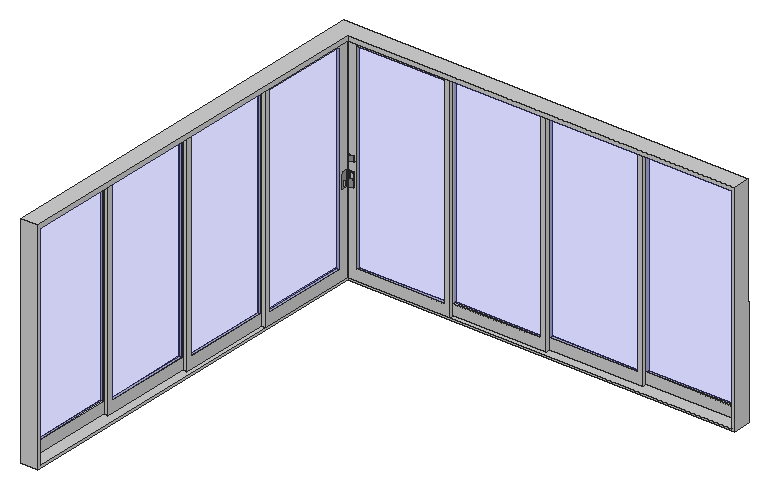
Revit family "Door-Slider-90_Degree_Corner-Fleetwood-3070-XXXXVXXXX", category Doors, host Wall, Revit 2013
Parameters
  Width_2 = Rough Width_2 - Shim_Space - ((Wall_Thickness - Thickness) / 2)  # 177.566"
  Wall_Thickness = 12"
  Type Comments = "90 Degree Multi-Slide Door"
  Thickness = 7.632"
  Shim_Space = 0.25"
  Rough Width = 180"
  Rough Height = 96.25"
  Panel_8 = if(Custom_Centerlines, Width_2 - Centerline_5 - Centerline_6 - Centerline_7, (Width_2 - 17.0991") / 4 + 4.668")  # 44.78473"
  Panel_7 = if(Custom_Centerlines, Centerline_7, (Width_2 - 17.0991") / 4 + 2.773")  # 42.88972"
  Panel_6 = if(Custom_Centerlines, Centerline_6, (Width_2 - 17.0991") / 4 + 2.773")  # 42.88972"
  Panel_5 = if(Custom_Centerlines, Centerline_5, (Width_2 - 17.0991") / 4 + 6.163")  # 46.27973"
  Panel_4 = if(Custom_Centerlines, Width - Centerline_1 - Centerline_2 - Centerline_3, (Width - 17.1975") / 4 + 4.668")  # 44.76013"
  Panel_3 = if(Custom_Centerlines, Centerline_3, (Width - 17.1975") / 4 + 2.773")  # 42.86512"
  Panel_2 = if(Custom_Centerlines, Centerline_2, (Width - 17.1975") / 4 + 2.773")  # 42.86512"
  Panel_1 = if(Custom_Centerlines, Centerline_1, (Width - 17.1975") / 4 + 4.668")  # 44.76013"
  Rough Width_2 = 180"
  Model = "Series 3070"
  Manufacturer = "Fleetwood Windows and Doors"
  Hardware = Stainless Steel, Brushed
  Glazing = Glass
  Frame_and_Panel = Aluminum, Anodized Clear
  Equal_Glass_Centerlines = not(Custom_Centerlines)  # yes
  Custom_Centerlines = if(and(Centerline_1 > 6", Centerline_2 > 6", Centerline_3 > 6", Centerline_5 > 6", Centerline_6 > 6", Centerline_6 > 6"), 1 < 2, 1 > 2)  # no
  Configuration = "XXXXVXXXX"
  Centerline_7 = 0"
  Centerline_6 = 0"
  Centerline_5 = 0"
  Centerline_3 = 0"
  Centerline_2 = 0"
  Centerline_1 = 0"
  Actuator_Height = 48"
  2nd_Wall_Thickness = 12"
  Function = Exterior
  Height = Rough Height - Shim_Space  # 96"
  Wall Closure = By host
  Width = Rough Width - Shim_Space - (([2nd_Wall_Thickness] - Thickness) / 2)  # 177.566"
Reference planes (in)
  plane 1 "Center (Front/Back)": y = -0.1452
  plane 2 "Center (Left/Right)": x = 0
  plane 3 "Right": x = 90
  plane 4 "Top": z = 96
  plane 5 "Exterior": y = 5.8548
  plane 6 "Interior": y = -6.1452
  plane 7: y = 3.6708
  plane 8: y = -3.9612
  plane 9: z = 0.75
  plane 10: x = 88.657
  plane 11: z = 94.073
  plane 12: y = -3.0072
  plane 13: y = 2.7168
  plane 14: y = 0.8088
  plane 15: y = -1.0992
  plane 16 "Exterior Wall 2": x = -89.75
  plane 17: y = -173.8952
  plane 18 "Interior Wall 2": x = -77.75
  plane 19: x = -83.75
  plane 20: x = -79.934
  plane 21: x = -87.566
  plane 22: y = -172.5522
  plane 23: x = -80.888
  plane 24: x = -82.796
  plane 25: x = -84.704
  plane 26: x = -86.612
  plane 27: x = 89.0275
  plane 28: y = -172.9227
  plane 29 "Panel_Top": z = 94.7725
  plane 30: z = 0.302
  plane 31: y = 9.8548
  plane 32: x = -93.75
Forms (in)
  Extrusion 1, void
    sketch origin (-15.448, -134.15202, 0) x (0, -1, 0) y (1, 0, 0)
      loop
        line (-140.00682, 105.448) -> (-140.00682, -74.302) -> (39.74318, -74.302) -> (39.74318, -62.302) -> (-128.00682, -62.302) -> (-128.00682, 105.448) -> (-140.00682, 105.448)
    from 0 to 96
  Extrusion 2, solid, material "Aluminum, Anodized Clear" <- "Frame_and_Panel"
    sketch origin (0, -0.1452, 0) x (1, 0, 0) y (0, 0, -1)
      loop
        line (90, -96) -> (90, 0) -> (-87.566, 0) -> (-87.566, -0.75) -> (88.657, -0.75) -> (88.657, -94.073) -> (-87.566, -94.073) -> (-87.566, -96) -> (90, -96)
    from -3.816 to 3.816
  Extrusion 3, solid, material "Aluminum, Anodized Clear" <- "Frame_and_Panel"
    sketch origin (-87.566, 0, 0) x (0, 1, 0) y (0, 0, -1)
      loop
        line (3.6708, -96) -> (3.6708, -94.073) -> (-172.5522, -94.073) -> (-172.5522, -0.75) -> (3.6708, -0.75) -> (3.6708, 0) -> (-173.8952, 0) -> (-173.8952, -96) -> (3.6708, -96)
    from -7.632 to 0
  Extrusion 4, solid, material "Aluminum, Anodized Clear" <- "Frame_and_Panel"
    sketch origin (0, 0, 94.7725) x (1, 0, 0) y (0, 1, 0)
      loop
        line (-80.17316, -2.29235) -> (-80.17316, -3.72204) -> (-80.00034, -3.72204) -> (-80.00034, -2.29235) -> (-80.17316, -2.29235)
    from 0 to -94.4705
Cuts and joins
  joined: Extrusion 2, Extrusion 3
Text (in)
  text "Exterior" at (-74.96733, 27.31104, 0), in view "Ref. Level"
  text "Interior" at (-74.96733, -25.14366, 0), in view "Ref. Level"
  text "Exterior" at (0, 40.15149, 123.01588), in view "Right"
  text "Interior" at (0, -64.39139, 123.01588), in view "Right"
  text "Interior" at (0, -31.01599, 123.00693), in view "Left"
  text "Exterior" at (0, 54.57065, 123.00693), in view "Left"
Dimensions and locks (in)
  "Height": level to plane 4 "Top"
  locked: level to plane 9 at 0.75
  locked: plane 10 to plane 3 "Right" at 1.343
  locked: plane 11 to plane 4 "Top" at 1.927
  "Thickness": plane 7 to plane 8
  plane 8 to plane 12 to plane 15 to plane 14 to plane 13 to plane 7 = 0.954", 1.908", 1.908", 1.908", 0.954"
  equal spacing: plane 8, plane 1 "Center (Front/Back)", plane 7
  "2nd_Wall_Thickness": plane 16 "Exterior Wall 2" to plane 18 "Interior Wall 2"
  equal spacing: plane 16 "Exterior Wall 2", plane 19, plane 18 "Interior Wall 2"
  "Thickness": plane 21 to plane 20
  equal spacing: plane 21, plane 19, plane 20
  locked: plane 22 to plane 17 at 1.343
  locked: plane 27 to plane 3 "Right" at 0.9725
  plane 17 to plane 28 = 0.9725"
  locked: plane 29 "Panel_Top" to plane 4 "Top" at 1.2275
  locked: level to plane 30 at 0.302
  "Width": plane 21 to plane 3 "Right"
  "Width_2": plane 7 to plane 17
  "Wall_Thickness": host wall to host wall
  plane 21 to plane 26 to plane 25 to plane 24 to plane 23 to plane 20 = 0.954", 1.908", 1.908", 1.908", 0.954"
  locked: plane 5 "Exterior" to plane 31 at 4
  locked: plane 32 to plane 16 "Exterior Wall 2" at 4
  aligned and locked: plane 5 "Exterior" to host wall
  aligned and locked: plane 6 "Interior" to host wall
  aligned and locked: Extrusion 1 to plane 4 "Top"
  aligned and locked: Extrusion 1 sketch curve to Extrusion 1 sketch curve
  aligned and locked: plane 1 "Center (Front/Back)" to host wall
  aligned and locked: Extrusion 2 sketch curve to plane 21  (x2)
  aligned and locked: plane 17 to Extrusion 3 sketch curve
  aligned and locked: Extrusion 3 sketch curve to plane 22
  aligned and locked: Extrusion 3 to plane 20
  aligned and locked: Extrusion 1 sketch curve to plane 3 "Right"
  aligned and locked: Extrusion 1 sketch curve to plane 5 "Exterior"
  aligned and locked: plane 6 "Interior" to Extrusion 1 sketch curve
  aligned and locked: plane 18 "Interior Wall 2" to Extrusion 1 sketch curve
  aligned and locked: plane 16 "Exterior Wall 2" to Extrusion 1 sketch curve
  aligned and locked: Extrusion 1 sketch curve to plane 17
  aligned and locked: nested 1 to plane 26
  aligned and locked: nested 1 to plane 28
  aligned and locked: nested 1 to plane 30  (x2)
  aligned and locked: plane 29 "Panel_Top" to nested 1  (x3)
  aligned and locked: nested 2 to plane 13
  aligned and locked: nested 2 to plane 30  (x2)
  aligned and locked: nested 2 to nested 3
  aligned and locked: plane 14 to nested 3
  aligned and locked: nested 3 to nested 4
  aligned and locked: nested 5 to plane 12
  aligned and locked: nested 4 to nested 5
  aligned and locked: plane 25 to nested 6
  aligned and locked: nested 6 to nested 7
  aligned and locked: plane 24 to nested 7
  aligned and locked: plane 23 to nested 8  (x2)
  aligned and locked: nested 6 to plane 25
  aligned and locked: nested 8 to nested 7
  aligned and locked: nested 2 to plane 27
  aligned and locked: Extrusion 4 sketch curve to nested 5
  aligned and locked: nested 5 to Extrusion 4 sketch curve  (x2)
  aligned and locked: nested 8 to Extrusion 4 sketch curve
  aligned and locked: Extrusion 4 to plane 30
  aligned and locked: nested 1 to nested 6
  aligned and locked: nested 5 to nested 9
  aligned and locked: nested 2 to nested 12
  aligned and locked: nested 4 to nested 13
  aligned and locked: nested 4 to nested 10
  aligned and locked: nested 3 to nested 11
  aligned and locked: nested 3 to nested 14
  aligned and locked: nested 12 to plane 31
  aligned and locked: nested 14 to plane 31
  aligned and locked: plane 31 to nested 11
  aligned and locked: nested 13 to plane 31
  aligned and locked: plane 31 to nested 10
  aligned and locked: plane 31 to nested 9
  aligned and locked: nested 15 to plane 32
  aligned and locked: nested 8 to nested 15
  aligned and locked: plane 32 to nested 18
  aligned and locked: nested 1 to nested 18
  aligned and locked: plane 32 to nested 19
  aligned and locked: nested 6 to nested 19
  aligned and locked: nested 7 to nested 16
  aligned and locked: nested 16 to plane 32
  aligned and locked: nested 7 to nested 20
  aligned and locked: plane 32 to nested 20
  aligned and locked: nested 17 to plane 32
  aligned and locked: nested 6 to nested 17
  aligned and locked: plane 29 "Panel_Top" to nested 5  (x3)
  aligned and locked: plane 29 "Panel_Top" to nested 2  (x3)
  aligned and locked: nested 3 to plane 30  (x3)
  aligned and locked: nested 4 to plane 30  (x2)
  aligned and locked: nested 5 to plane 30  (x2)
  aligned and locked: plane 29 "Panel_Top" to nested 4  (x3)
  aligned and locked: plane 29 "Panel_Top" to nested 8  (x3)
  aligned and locked: plane 29 "Panel_Top" to nested 7  (x3)
  aligned and locked: plane 29 "Panel_Top" to nested 6  (x3)
  aligned and locked: nested 8 to plane 30  (x2)
  aligned and locked: nested 7 to plane 30  (x2)
  aligned and locked: nested 6 to plane 30  (x2)
  aligned and locked: plane 29 "Panel_Top" to nested 3  (x3)
  aligned and locked: plane 29 "Panel_Top" to Extrusion 4
  aligned and locked: plane 30 to nested 2
  aligned and locked: plane 30 to Extrusion 4  (x9)
Automatic sketch dimensions
  plane 10 to Extrusion 2 sketch curve = 0"
  plane 3 "Right" to Extrusion 2 sketch curve = 0"
  Extrusion 2 sketch curve to plane 4 "Top" = 0"
  Extrusion 2 sketch curve to plane 11 = 0"
  Extrusion 2 sketch curve to plane 9 = 0"
  Extrusion 2 sketch curve to level = 0"
  Extrusion 3 sketch curve to plane 7 = 0"  (x2)
  plane 4 "Top" to Extrusion 3 sketch curve = 0"
  Extrusion 3 sketch curve to level = 0"
  plane 9 to Extrusion 3 sketch curve = 0"
  Extrusion 3 sketch curve to plane 11 = 0"
Nested families (in)
  nested 1: "3070_EX_Panel" at (-86.612, -148.9227, 0.302) x (0, -1, 0) z (0, 0, 1), Panel_Finish <- "Frame_and_Panel", Hardware_Finish <- "Hardware", Glazing_Material <- "Glazing", Panel_Width <- "Panel_8", Actuator_Height <- "Actuator_Height", type "Active Lead Panel Right Archetype"
    with Panel_Width 44.78473", Panel_Height 94.4705", Panel_Finish Aluminum, Anodized Clear, Hardware_Finish Stainless Steel, Brushed, Glazing_Material Glass, Glass_Width 38.74171", Actuator_Height 48"
  nested 2: "3070_EX_Panel" at (65.0275, 2.7168, 0.302), Panel_Finish <- "Frame_and_Panel", Hardware_Finish <- "Hardware", Glazing_Material <- "Glazing", Panel_Width <- "Panel_1", Actuator_Height <- "Actuator_Height", type "Active Lead Panel Left Archetype"
    with Panel_Width 44.76013", Panel_Height 94.4705", Panel_Finish Aluminum, Anodized Clear, Hardware_Finish Stainless Steel, Brushed, Glazing_Material Glass, Glass_Width 38.71711", Actuator_Height 48"
  nested 3: "3070_EX_Panel" at (27.47647, 0.8088, 0.302) x (-1, 0, 0) z (0, 0, 1), Panel_Width <- "Panel_2", Panel_Finish <- "Frame_and_Panel", Hardware_Finish <- "Hardware", Glazing_Material <- "Glazing", type "Sliding Panel  Interlock and Interlock"
    with Panel_Width 42.86512", Panel_Height 94.4705", Panel_Finish Aluminum, Anodized Clear, Hardware_Finish Stainless Steel, Brushed, Glazing_Material Glass, Glass_Width 38.71691", Actuator_Height 53.75"
  nested 4: "3070_EX_Panel" at (-13.31444, -1.0992, 0.302) x (-1, 0, 0) z (0, 0, 1), Panel_Width <- "Panel_3", Panel_Finish <- "Frame_and_Panel", Hardware_Finish <- "Hardware", Glazing_Material <- "Glazing", type "Sliding Panel  Interlock and Interlock"
    with Panel_Width 42.86512", Panel_Height 94.4705", Panel_Finish Aluminum, Anodized Clear, Hardware_Finish Stainless Steel, Brushed, Glazing_Material Glass, Glass_Width 38.71691", Actuator_Height 53.75"
  nested 5: "3070_EX_Panel" at (-56.00034, -3.0072, 0.302) x (-1, 0, 0) z (0, 0, 1), Panel_Width <- "Panel_4", Panel_Finish <- "Frame_and_Panel", Hardware_Finish <- "Hardware", Glazing_Material <- "Glazing", Actuator_Height <- "Actuator_Height", type "Active Lead Panel Right Archetype"
    with Panel_Width 44.76013", Panel_Height 94.4705", Panel_Finish Aluminum, Anodized Clear, Hardware_Finish Stainless Steel, Brushed, Glazing_Material Glass, Glass_Width 38.71711", Actuator_Height 48"
  nested 6: "3070_EX_Panel" at (-84.704, -106.21197, 0.302) x (0, -1, 0) z (0, 0, 1), Panel_Finish <- "Frame_and_Panel", Hardware_Finish <- "Hardware", Glazing_Material <- "Glazing", Panel_Width <- "Panel_7", type "Sliding Panel  Interlock and Interlock"
    with Panel_Width 42.88972", Panel_Height 94.4705", Panel_Finish Aluminum, Anodized Clear, Hardware_Finish Stainless Steel, Brushed, Glazing_Material Glass, Glass_Width 38.74151", Actuator_Height 53.75"
  nested 7: "3070_EX_Panel" at (-82.796, -65.39625, 0.302) x (0, -1, 0) z (0, 0, 1), Panel_Finish <- "Frame_and_Panel", Hardware_Finish <- "Hardware", Glazing_Material <- "Glazing", Panel_Width <- "Panel_6", type "Sliding Panel  Interlock and Interlock"
    with Panel_Width 42.88972", Panel_Height 94.4705", Panel_Finish Aluminum, Anodized Clear, Hardware_Finish Stainless Steel, Brushed, Glazing_Material Glass, Glass_Width 38.74151", Actuator_Height 53.75"
  nested 8: "3070_EX_Panel" at (-80.888, -26.30102, 0.302) x (0, 1, 0) z (0, 0, 1), Panel_Finish <- "Frame_and_Panel", Hardware_Finish <- "Hardware", Glazing_Material <- "Glazing", Panel_Width <- "Panel_5", Actuator_Height <- "Actuator_Height", type "Archetype_90_Degree_Stile"
    with Panel_Width 46.27973", Panel_Height 94.4705", Panel_Finish Aluminum, Anodized Clear, Hardware_Finish Stainless Steel, Brushed, Glazing_Material Glass, Glass_Width 38.74151", Actuator_Height 48"
  nested 9: "Arrow" at (-57.62028, 9.8548, 0), type "Arrow"
  nested 10: "Arrow" at (-15.88188, 9.8548, 0), type "Arrow"
  nested 11: "Arrow" at (24.90903, 9.8548, 0), type "Arrow"
  nested 12: "Arrow" at (66.64744, 9.8548, 0) x (-1, 0, 0) z (0, 0, 1), type "Arrow"
  nested 13: "Arrow" at (-15.88188, 9.8548, 0) x (-1, 0, 0) z (0, 0, 1), type "Arrow"
  nested 14: "Arrow" at (24.90903, 9.8548, 0) x (-1, 0, 0) z (0, 0, 1), type "Arrow"
  nested 15: "Arrow" at (-93.75, -25.44088, 0) x (0, -1, 0) z (0, 0, 1), type "Arrow"
  nested 16: "Arrow" at (-93.75, -67.95138, 0) x (0, -1, 0) z (0, 0, 1), type "Arrow"
  nested 17: "Arrow" at (-93.75, -108.76711, 0) x (0, -1, 0) z (0, 0, 1), type "Arrow"
  nested 18: "Arrow" at (-93.75, -150.53033, 0) x (0, 1, 0) z (0, 0, 1), type "Arrow"
  nested 19: "Arrow" at (-93.75, -108.76711, 0) x (0, 1, 0) z (0, 0, 1), type "Arrow"
  nested 20: "Arrow" at (-93.75, -67.95138, 0) x (0, 1, 0) z (0, 0, 1), type "Arrow"
Definition of nested family "3070_EX_Panel"
  Parameters (values of type "Archetype_90_Degree_Stile")
    Top_Rail = if(Bottom_Rail_As_Top, 5.14844", 1.46094")  # 1.46094"
    Stile_Condition = 10
    Sightline_Extender_Condition = 0
    Right_Stile = if(or(Archetype_Stile, Archetype_Inactive_Panel), 3.9688", if(or(Archetype_Narrow_Inactive_Panel, Archetype_Narrow_Stile), 2.9102", if(Narrow_Fixed_Stile, 1.0195", if(Stile_Condition = 10, 5.464", 2.074"))))  # 5.464"
    Panel_Width [instance] = 48"
    Panel_Height [instance] = 84"
    Panel_Finish [instance] = none
    Narrow_Fixed_Stile = Stile_Condition = 3  # no
    Model = ""
    Manufacturer = "Fleetwood Windows And Doors"
    Left_Stile = if([1_Sightline_Extender], 3.07422", if([2.5_Sightline_Extender], 4.57422", if([3.5_Sightline_Extender], 5.57422", 2.07422")))  # 2.07422"
    Hardware_Finish [instance] = none
    Glass_Width [instance] = Panel_Width - (Right_Stile + Left_Stile)  # 40.46178"
    Double_Arrow = no
    Arrow = yes
    Archetype_Narrow_Inactive_Panel = Stile_Condition = 9  # no
    Archetype_Narrow_Hardware_L = Stile_Condition = 7  # no
    Archetype_Narrow_Hardware = no
    Archetype_Inactive_Panel = Stile_Condition = 8  # no
    Archetype_Flush_Pulls = yes
    Glazing_Material [instance] = none
    Glass_Thickness = 1"
    Description = ""
    Bottom_Rail_As_Top = no
    Bottom_Rail = 5.14844"  # constant formula
    Archetype_Narrow_Stile = or(Stile_Condition = 2, Stile_Condition = 6, Stile_Condition = 7, Stile_Condition = 9)  # no
    Archetype_Stile = or(Stile_Condition = 1, Stile_Condition = 4, Stile_Condition = 5, Stile_Condition = 8)  # no
    Archetype_Narrow_Hardware_R = Stile_Condition = 6  # no
    Archetype_Hardware_Right = Stile_Condition = 5  # no
    Archetype_Hardware_Left = Stile_Condition = 4  # no
    Archetype_Actuator = or(Archetype_Hardware_Right, Archetype_Hardware_Left)  # no
    Actuator_Height [instance] = 53.75"
    3.5_Sightline_Extender = Sightline_Extender_Condition = 3  # no
    2.5_Sightline_Extender = Sightline_Extender_Condition = 2  # no
    1_Sightline_Extender = Sightline_Extender_Condition = 1  # no
  Types (14): name | Stile_Condition | Sightline_Extender_Condition | Right_Stile | Narrow_Fixed_Stile | Left_Stile | Glass_Width | Double_Arrow | Arrow | Archetype_Narrow_Inactive_Panel | Archetype_Narrow_Hardware_L | Archetype_Narrow_Hardware | Archetype_Inactive_Panel | Archetype_Flush_Pulls | Description | Archetype_Narrow_Stile | Archetype_Stile | Archetype_Narrow_Hardware_R | Archetype_Hardware_Right | Archetype_Hardware_Left | Archetype_Actuator | Actuator_Height | 3.5_Sightline_Extender | 2.5_Sightline_Extender | 1_Sightline_Extender
    Sliding Panel  Interlock and Interlock | 0 | 0 | 2.074" | no | 2.07422" | 43.85178" | yes | yes | no | no | no | no | no | "" | no | no | no | no | no | no | 53.75" | no | no | no
    Pocket Panel 1" Sightline Extender | 0 | 1 | 2.074" | no | 3.07422" | 42.85178" | no | yes | no | no | no | no | no | "" | no | no | no | no | no | no | 53.75" | no | no | yes
    Pocket Panel 2.5" Sightline Extender | 0 | 2 | 2.074" | no | 4.57422" | 41.35178" | no | yes | no | no | no | no | no | "" | no | no | no | no | no | no | 53.75" | no | yes | no
    Pocket Panel 3.5" Sightline Extender | 0 | 3 | 2.074" | no | 5.57422" | 40.35178" | no | yes | no | no | no | no | no | "" | no | no | no | no | no | no | 53.75" | yes | no | no
    Active Lead Panel Right Archetype | 5 | 0 | 3.9688" | no | 2.07422" | 41.95698" | no | yes | no | no | no | no | yes | "Fleetwood Sliding Door Panel" | no | yes | no | yes | no | yes | 53.9375" | no | no | no
    Active Lead Panel Right Archetype Narrow | 6 | 0 | 2.9102" | no | 2.07422" | 43.01558" | no | yes | no | no | yes | no | no | "" | yes | no | yes | no | no | no | 53.75" | no | no | no
    Fixed Panel Narrow Fixed Stile | 3 | 0 | 1.0195" | yes | 2.07422" | 44.90628" | no | no | no | no | no | no | no | "" | no | no | no | no | no | no | 53.75" | no | no | no
    Fixed Panel Archetype Narrow Stile | 2 | 0 | 2.9102" | no | 2.07422" | 43.01558" | no | no | no | no | no | no | no | "" | yes | no | no | no | no | no | 53.75" | no | no | no
    Fixed Panel Archetype Stile | 1 | 0 | 3.9688" | no | 2.07422" | 41.95698" | no | no | no | no | no | no | no | "" | no | yes | no | no | no | no | 53.75" | no | no | no
    Active Lead Panel Left Archetype | 4 | 0 | 3.9688" | no | 2.07422" | 41.95698" | no | yes | no | no | no | no | yes | "" | no | yes | no | no | yes | yes | 53.9375" | no | no | no
    Active Lead Panel Left Archetype Narrow | 7 | 0 | 2.9102" | no | 2.07422" | 43.01558" | no | yes | no | yes | yes | no | no | "" | yes | no | no | no | no | no | 53.75" | no | no | no
    Archetype_Inactive_Panel | 8 | 0 | 3.9688" | no | 2.07422" | 41.95698" | no | yes | no | no | no | yes | yes | "" | no | yes | no | no | no | no | 53.75" | no | no | no
    Archetype_Narrow_Inactive_Panel | 9 | 0 | 2.9102" | no | 2.07422" | 43.01558" | no | yes | yes | no | yes | no | no | "" | yes | no | no | no | no | no | 53.75" | no | no | no
    Archetype_90_Degree_Stile | 10 | 0 | 5.464" | no | 2.07422" | 40.46178" | no | yes | no | no | no | no | yes | "" | no | no | no | no | no | no | 53.75" | no | no | no
  Reference planes (in)
    plane 1 "Center (Front/Back)": y = 0
    plane 2: z = 0
    plane 3 "Center (Left/Right)": x = 0
    plane 4: y = -0.71484
    plane 5: y = 0.71484
    plane 6: x = -24
    plane 7: x = 24
    plane 8: z = 84
    plane 9: z = 5.14844
    plane 10: z = 82.53906
    plane 11: x = 18.536
    plane 12: x = -21.92578
    plane 13: y = 0.5
    plane 14: y = -0.5
    plane 15: z = 53.75
    plane 16: x = 20.766
    plane 17: y = 0
    plane 18: x = 22.74609
    plane 19: x = -22.96289
    plane 20: z = 42
    plane 21: x = -6
    plane 22: x = 6
    plane 23: x = -2
    plane 24: x = 2
  Forms (in)
    Extrusion 1, solid, material <- "Panel_Finish"
      sketch origin (0, 0, 0) x (1, 0, 0) y (0, 0, 1)
        loop
          line (24, 84) -> (-24, 84) -> (-24, 0) -> (24, 0) -> (24, 84)
        loop
          line (-21.92578, 5.14844) -> (18.536, 5.14844) -> (18.536, 82.53906) -> (-21.92578, 82.53906) -> (-21.92578, 5.14844)
      from -0.71484 to 0.71484
    Extrusion 2, solid, material <- "Glazing_Material"
      sketch origin (0, 0, 0) x (1, 0, 0) y (0, 0, 1)
        loop
          line (-21.92578, 82.53906) -> (-21.92578, 5.14844) -> (18.536, 5.14844) -> (18.536, 82.53906) -> (-21.92578, 82.53906)
      from -0.5 to 0.5
  Lines and regions (in)
    Masking region 1
      outline origin (0, 0, 0) x (1, 0, 0) y (0, 1, 0)
        loop
          line (-24, 0.71484) -> (-24, -0.71484) -> (24, -0.71484) -> (24, 0.71484) -> (-24, 0.71484)
    symbolic lines, visible <- "Arrow"
      curve 1: line (6, -0.71484, 42) -> (-6, -0.71484, 42)
      curve 2: line (-2, -0.71484, 40) -> (-6, -0.71484, 42)
      curve 3: line (-2, -0.71484, 44) -> (-6, -0.71484, 42)
    symbolic lines, visible <- "Double_Arrow"
      curve 4: line (2, -0.71484, 40) -> (6, -0.71484, 42)
      curve 5: line (2, -0.71484, 44) -> (6, -0.71484, 42)
  Dimensions and locks (in)
    equal spacing: plane 4, plane 1 "Center (Front/Back)", plane 5
    locked: plane 4 to plane 5 at 1.42969
    equal spacing: plane 6, plane 3 "Center (Left/Right)", plane 7
    "Panel_Width": plane 6 to plane 7
    "Panel_Height": plane 8 to plane 2
    "Bottom_Rail": plane 9 to level
    "Right_Stile": plane 7 to plane 11
    "Left_Stile": plane 12 to plane 6
    "Top_Rail": plane 8 to plane 10
    equal spacing: plane 14, plane 1 "Center (Front/Back)", plane 13
    "Glass_Thickness": plane 14 to plane 13
    "Actuator_Height": plane 15 to level
    locked: plane 18 to plane 7 at 1.25391
    locked: plane 6 to plane 19 at 1.03711
    equal spacing: plane 8, plane 20, level
    plane 22 to plane 3 "Center (Left/Right)" to plane 21 = 6" locked, 6" locked
    locked: plane 23 to plane 21 at 4
    locked: plane 22 to plane 24 at 4
    curve 3 to plane 20 to curve 2 = 2" locked, 2" locked
    locked: plane 15 to nested 1 at 5
    locked: plane 16 to plane 11 at 2.23
    aligned and locked: plane 2 to level
    aligned and locked: plane 8 to Extrusion 1 sketch curve
    aligned and locked: plane 7 to Extrusion 1 sketch curve
    aligned and locked: Extrusion 1 sketch curve to plane 2
    aligned and locked: Extrusion 1 sketch curve to plane 6
    aligned and locked: Extrusion 1 sketch curve to plane 12
    aligned and locked: plane 10 to Extrusion 1 sketch curve
    aligned and locked: plane 11 to Extrusion 1 sketch curve
    aligned and locked: Extrusion 1 sketch curve to plane 9
    aligned and locked: Extrusion 1 to plane 5
    aligned and locked: plane 4 to Extrusion 1
    aligned and locked: Extrusion 2 sketch curve to plane 10
    aligned and locked: plane 12 to Extrusion 2 sketch curve
    aligned and locked: plane 9 to Extrusion 2 sketch curve
    aligned and locked: Extrusion 2 sketch curve to plane 11
    aligned and locked: Extrusion 2 to plane 13
    aligned and locked: plane 14 to Extrusion 2
    aligned and locked: plane 1 "Center (Front/Back)" to nested 1
    aligned and locked: plane 16 to nested 1
    aligned and locked: plane 15 to nested 2
    aligned and locked: plane 18 to nested 2
    aligned and locked: plane 1 "Center (Front/Back)" to nested 2
    aligned and locked: plane 5 to Masking region 1 sketch curve
    aligned and locked: plane 6 to Masking region 1 sketch curve
    aligned and locked: Masking region 1 sketch curve to plane 4
    aligned and locked: Masking region 1 sketch curve to plane 7
    aligned and locked: plane 21 to curve 2
    aligned and locked: curve 1 to curve 2
    aligned and locked: plane 20 to curve 1
    aligned and locked: plane 24 to curve 5
    aligned and locked: plane 24 to curve 4
    aligned and locked: plane 22 to curve 5
    aligned and locked: nested 3 to plane 15
    aligned and locked: plane 16 to nested 3
    aligned and locked: nested 3 to plane 1 "Center (Front/Back)"
    aligned and locked: nested 4 to plane 1 "Center (Front/Back)"
    aligned and locked: nested 4 to plane 16
    aligned and locked: plane 15 to nested 4
  Automatic sketch dimensions
    curve 2 to plane 23 = 0"
    curve 3 to plane 23 = 0"
    curve 4 to plane 20 = 2"
    plane 20 to curve 5 = 2"
  Nested families (in)
    nested 1: "Archetype_Flush_Pulls" at (20.766, 0, 42.25), Finish <- "Hardware_Finish", visible <- "Archetype_Flush_Pulls", type "Archetype_Flush_Pulls"
      with Finish none
    nested 2: "Archetype_Narrow_Hardware" at (22.74609, 0, 53.75), Finish <- "Hardware_Finish", Left <- "Archetype_Narrow_Hardware_L", visible <- "Archetype_Narrow_Hardware", Right <- "Archetype_Narrow_Hardware_R", type "Archetype_Narrow_Hardware", detail levels fine
      with Right no, Pulls_Only yes, Left no, Finish none
    nested 3: "Archetype_Actuator" at (20.766, 0, 53.75) x (1, 0, 0) z (0, -1, 0), Finish <- "Hardware_Finish", visible <- "Archetype_Hardware_Left", type "Archetype_Actuator", detail levels fine
      with Finish none
    nested 4: "Archetype_Actuator" at (20.766, 0, 53.75) x (1, 0, 0) z (0, 1, 0), Finish <- "Hardware_Finish", visible <- "Archetype_Hardware_Right", type "Archetype_Actuator", detail levels fine
      with Finish none
  Definition of nested family "Archetype_Flush_Pulls"
    Parameters (values of type "Archetype_Flush_Pulls")
      Finish [instance] = none
    Reference planes (in)
      plane 1 "Center (Front/Back)": y = 0
      plane 2: z = 0
      plane 3 "Center (Left/Right)": x = 0
      plane 4: z = 6.5
      plane 5: z = 0.27344
      plane 6: z = 3.07422
      plane 7: y = -0.80469
      plane 8: y = 0.80469
      plane 9: y = -0.80469
      plane 10: x = 1.1875
      plane 11: x = -1.1875
      plane 12: x = 0.91406
      plane 13: x = -0.91406
      plane 14 "ext": y = -0.80469
      plane 15 "int": y = 0.80469
      plane 16: z = 6.21875
      plane 17: z = 3.35547
    Forms (in)
      Extrusion 1, solid, material <- "Finish", detail levels fine
        sketch origin (0, 0, 0) x (1, 0, 0) y (0, 0, 1)
          loop
            arc (-0.9375, 6.5) -> (-1.11428, 6.42678) -> (-1.1875, 6.25) r 0.25
            line (-1.1875, 6.25) -> (-1.1875, 0.25)
            arc (-1.1875, 0.25) -> (-1.11428, 0.07322) -> (-0.9375, 0) r 0.25
            line (-0.9375, 0) -> (0.9375, 0)
            arc (0.9375, 0) -> (1.11428, 0.07322) -> (1.1875, 0.25) r 0.25
            line (1.1875, 0.25) -> (1.1875, 6.25)
            arc (1.1875, 6.25) -> (1.11428, 6.42678) -> (0.9375, 6.5) r 0.25
            line (0.9375, 6.5) -> (-0.9375, 6.5)
        from -0.80469 to 0.80469
      Extrusion 2, void
        sketch origin (0, -0.80469, 0) x (-1, 0, 0) y (0, 0, 1)
          loop
            line (0.78906, 3.07422) -> (-0.78906, 3.07422)
            arc (-0.78906, 3.07422) -> (-0.87745, 3.03761) -> (-0.91406, 2.94922) r 0.125
            line (-0.91406, 2.94922) -> (-0.91406, 0.39844)
            arc (-0.91406, 0.39844) -> (-0.87745, 0.31005) -> (-0.78906, 0.27344) r 0.125
            line (-0.78906, 0.27344) -> (0.78906, 0.27344)
            arc (0.78906, 0.27344) -> (0.87745, 0.31005) -> (0.91406, 0.39844) r 0.125
            line (0.91406, 0.39844) -> (0.91406, 2.94922)
            arc (0.91406, 2.94922) -> (0.87745, 3.03761) -> (0.78906, 3.07422) r 0.125
        from 0 to 1
      Extrusion 3, void
        sketch origin (0, 0.80469, 0) x (-1, 0, 0) y (0, 0, 1)
          loop
            arc (-0.78906, 6.21875) -> (-0.87745, 6.18214) -> (-0.91406, 6.09375) r 0.125
            line (-0.91406, 6.09375) -> (-0.91406, 3.48047)
            arc (-0.91406, 3.48047) -> (-0.87745, 3.39208) -> (-0.78906, 3.35547) r 0.125
            line (-0.78906, 3.35547) -> (0.78906, 3.35547)
            arc (0.78906, 3.35547) -> (0.87745, 3.39208) -> (0.91406, 3.48047) r 0.125
            line (0.91406, 3.48047) -> (0.91406, 6.09375)
            arc (0.91406, 6.09375) -> (0.87745, 6.18214) -> (0.78906, 6.21875) r 0.125
            line (0.78906, 6.21875) -> (-0.78906, 6.21875)
        from 0 to -1
    Cuts and joins
      Extrusion 2, Extrusion 3 cuts Extrusion 1
    Dimensions and locks (in)
      locked: plane 4 to level at 6.5
      locked: plane 11 to plane 10 at 2.375
      locked: plane 12 to plane 10 at 0.27344
      locked: plane 11 to plane 13 at 0.27344
      locked: plane 6 to plane 5 at 2.80078
      equal spacing: plane 15 "int", plane 1 "Center (Front/Back)", plane 14 "ext"
      locked: plane 15 "int" to plane 14 "ext" at 1.60938
      locked: plane 5 to level at 0.27344
      locked: plane 4 to plane 16 at 0.28125
      locked: plane 17 to plane 6 at 0.28125
      aligned and locked: plane 2 to level
      aligned and locked: Extrusion 2 sketch curve to plane 6
      aligned and locked: plane 12 to Extrusion 2 sketch curve
      aligned and locked: plane 5 to Extrusion 2 sketch curve
      aligned and locked: Extrusion 2 sketch curve to plane 13
      aligned and locked: plane 12 to Extrusion 3 sketch curve
      aligned and locked: Extrusion 3 sketch curve to plane 16
      aligned and locked: Extrusion 3 sketch curve to plane 13
      aligned and locked: plane 17 to Extrusion 3 sketch curve
    Automatic sketch dimensions
      plane 11 to Extrusion 1 sketch curve = 0"
      Extrusion 1 sketch curve to level = 0"
      Extrusion 1 sketch curve to plane 4 = 0"
      plane 10 to Extrusion 1 sketch curve = 0"
      Extrusion 1 sketch curve to plane 5 = 0.02344"
      plane 13 to Extrusion 1 sketch curve = 0.02344"
      Extrusion 1 sketch curve to plane 12 = 0.02344"  (x2)
      plane 12 to Extrusion 2 sketch curve = 0.125"  (x2)
      Extrusion 2 sketch curve to plane 13 = 0.125"  (x2)
      plane 12 to Extrusion 3 sketch curve = 0.125"  (x2)
      Extrusion 3 sketch curve to plane 13 = 0.125"  (x2)
  Definition of nested family "Archetype_Narrow_Hardware"
    Parameters (values of type "Archetype_Narrow_Hardware")
      Right [instance] = no
      Pulls_Only [instance] = if(or(Right, Left), 1 > 2, 1 < 2)  # yes
      Left [instance] = no
      Finish [instance] = none
    Reference planes (in)
      plane 1 "Center (Front/Back)": y = 0
      plane 2 "Actuator_Height": z = 0
      plane 3 "Center (Left/Right)": x = 0
      plane 4 "ext": y = 0.78906
      plane 5 "int": y = -0.78906
      plane 6: x = -0.6875
      plane 7: x = 0.6875
      plane 8: z = -1.75
      plane 9: z = 2.8125
      plane 10: z = 2.60547
      plane 11: x = 0.48047
      plane 12: x = -0.48047
      plane 13: z = -1.54297
      plane 14: z = 0.1875
      plane 15: z = -0.1875
      plane 16: z = 1.32031
      plane 17: z = 0
    Forms (in)
      Extrusion 1, solid, material <- "Finish", detail levels fine
        sketch origin (0, 0, 0) x (1, 0, 0) y (0, 0, 1)
          loop
            arc (-0.5625, 2.8125) -> (-0.65089, 2.77589) -> (-0.6875, 2.6875) r 0.125
            line (-0.6875, 2.6875) -> (-0.6875, -1.625)
            arc (-0.6875, -1.625) -> (-0.65089, -1.71339) -> (-0.5625, -1.75) r 0.125
            line (-0.5625, -1.75) -> (0.5625, -1.75)
            arc (0.5625, -1.75) -> (0.65089, -1.71339) -> (0.6875, -1.625) r 0.125
            line (0.6875, -1.625) -> (0.6875, 2.6875)
            arc (0.6875, 2.6875) -> (0.65089, 2.77589) -> (0.5625, 2.8125) r 0.125
            line (0.5625, 2.8125) -> (-0.5625, 2.8125)
        from -0.78906 to 0.78906
    Lines and regions (in)
      model lines, detail levels fine
        curve 1: line (0.5625, -0.78906, 2.8125) -> (-0.5625, -0.78906, 2.8125)
        curve 2: arc (0.6875, -0.78906, 2.6875) -> (0.65089, -0.78906, 2.77589) -> (0.5625, -0.78906, 2.8125) r 0.125
        curve 3: line (0.6875, -0.78906, -1.625) -> (0.6875, -0.78906, 2.6875)
        curve 4: arc (0.5625, -0.78906, -1.75) -> (0.65089, -0.78906, -1.71339) -> (0.6875, -0.78906, -1.625) r 0.125
        curve 5: line (-0.5625, -0.78906, -1.75) -> (0.5625, -0.78906, -1.75)
        curve 6: arc (-0.6875, -0.78906, -1.625) -> (-0.65089, -0.78906, -1.71339) -> (-0.5625, -0.78906, -1.75) r 0.125
        curve 7: line (-0.6875, -0.78906, 2.6875) -> (-0.6875, -0.78906, -1.625)
        curve 8: arc (-0.5625, -0.78906, 2.8125) -> (-0.65089, -0.78906, 2.77589) -> (-0.6875, -0.78906, 2.6875) r 0.125
        curve 9: line (-0.38672, -0.78906, 2.60547) -> (0.38672, -0.78906, 2.60547)
        curve 10: line (-0.48047, -0.78906, -1.44922) -> (-0.48047, -0.78906, 2.51172)
        curve 11: line (0.38672, -0.78906, -1.54297) -> (-0.38672, -0.78906, -1.54297)
        curve 12: line (0.48047, -0.78906, 2.51172) -> (0.48047, -0.78906, -1.44922)
        curve 13: arc (-0.48047, -0.78906, 2.51172) -> (-0.45301, -0.78906, 2.57801) -> (-0.38672, -0.78906, 2.60547) r 0.09375
        curve 14: arc (0.38672, -0.78906, 2.60547) -> (0.45301, -0.78906, 2.57801) -> (0.48047, -0.78906, 2.51172) r 0.09375
        curve 15: arc (0.48047, -0.78906, -1.44922) -> (0.45301, -0.78906, -1.51551) -> (0.38672, -0.78906, -1.54297) r 0.09375
        curve 16: arc (-0.38672, -0.78906, -1.54297) -> (-0.45301, -0.78906, -1.51551) -> (-0.48047, -0.78906, -1.44922) r 0.09375
        curve 17: line (0.5625, 0.78906, 2.8125) -> (-0.5625, 0.78906, 2.8125)
        curve 18: arc (0.6875, 0.78906, 2.6875) -> (0.65089, 0.78906, 2.77589) -> (0.5625, 0.78906, 2.8125) r 0.125
        curve 19: line (0.6875, 0.78906, -1.625) -> (0.6875, 0.78906, 2.6875)
        curve 20: arc (0.5625, 0.78906, -1.75) -> (0.65089, 0.78906, -1.71339) -> (0.6875, 0.78906, -1.625) r 0.125
        curve 21: line (-0.5625, 0.78906, -1.75) -> (0.5625, 0.78906, -1.75)
        curve 22: arc (-0.6875, 0.78906, -1.625) -> (-0.65089, 0.78906, -1.71339) -> (-0.5625, 0.78906, -1.75) r 0.125
        curve 23: line (-0.6875, 0.78906, 2.6875) -> (-0.6875, 0.78906, -1.625)
        curve 24: arc (-0.5625, 0.78906, 2.8125) -> (-0.65089, 0.78906, 2.77589) -> (-0.6875, 0.78906, 2.6875) r 0.125
        curve 25: line (-0.38672, 0.78906, 2.60547) -> (0.38672, 0.78906, 2.60547)
        curve 26: line (-0.48047, 0.78906, -1.44922) -> (-0.48047, 0.78906, 2.51172)
        curve 27: line (0.38672, 0.78906, -1.54297) -> (-0.38672, 0.78906, -1.54297)
        curve 28: line (0.48047, 0.78906, 2.51172) -> (0.48047, 0.78906, -1.44922)
        curve 29: arc (-0.48047, 0.78906, 2.51172) -> (-0.45301, 0.78906, 2.57801) -> (-0.38672, 0.78906, 2.60547) r 0.09375
        curve 30: arc (0.38672, 0.78906, 2.60547) -> (0.45301, 0.78906, 2.57801) -> (0.48047, 0.78906, 2.51172) r 0.09375
        curve 31: arc (0.48047, 0.78906, -1.44922) -> (0.45301, 0.78906, -1.51551) -> (0.38672, 0.78906, -1.54297) r 0.09375
        curve 32: arc (-0.38672, 0.78906, -1.54297) -> (-0.45301, 0.78906, -1.51551) -> (-0.48047, 0.78906, -1.44922) r 0.09375
      model lines, visible <- "Left", detail levels fine
        curve 33: line (0.48047, 0.78906, 1.32031) -> (-0.48047, 0.78906, 1.32031)
        curve 34: line (-0.48047, 0.78906, 0.1875) -> (0.48047, 0.78906, 0.1875)
        curve 35: line (0.48047, 0.78906, -0.1875) -> (-0.48047, 0.78906, -0.1875)
      model lines, visible <- "Right", detail levels fine
        curve 36: line (0.48047, -0.78906, 1.32031) -> (-0.48047, -0.78906, 1.32031)
        curve 37: line (-0.48047, -0.78906, 0.1875) -> (0.48047, -0.78906, 0.1875)
        curve 38: line (0.48047, -0.78906, -0.1875) -> (-0.48047, -0.78906, -0.1875)
    Dimensions and locks (in)
      equal spacing: plane 5 "int", plane 1 "Center (Front/Back)", plane 4 "ext"
      plane 5 "int" to plane 4 "ext" = 1.57812"
      equal spacing: plane 6, plane 3 "Center (Left/Right)", plane 7
      locked: plane 6 to plane 7 at 1.375
      locked: level to plane 8 at 1.75
      locked: plane 9 to level at 2.8125
      locked: plane 9 to plane 10 at 0.20703
      locked: plane 13 to plane 8 at 0.20703
      locked: plane 7 to plane 11 at 0.20703
      locked: plane 12 to plane 6 at 0.20703
      plane 15 to level to plane 14 to plane 16 = 0.1875" locked, 0.1875" locked, 1.13281" locked
      aligned and locked: plane 2 "Actuator_Height" to level
      aligned and locked: Extrusion 1 sketch curve to plane 9
      aligned and locked: Extrusion 1 sketch curve to plane 7
      aligned and locked: plane 6 to Extrusion 1 sketch curve
      aligned and locked: plane 8 to Extrusion 1 sketch curve
      aligned and locked: plane 5 "int" to Extrusion 1
      aligned and locked: Extrusion 1 to plane 4 "ext"
      aligned and locked: curve 2 to Extrusion 1
      aligned and locked: curve 4 to Extrusion 1
      aligned and locked: curve 6 to Extrusion 1
      aligned and locked: curve 8 to Extrusion 1
      aligned and locked: curve 9 to plane 10
      aligned and locked: curve 12 to plane 11
      aligned and locked: plane 13 to curve 11
      aligned and locked: plane 12 to curve 10
      aligned and locked: plane 10 to curve 25
      aligned and locked: curve 17 to plane 9
      aligned and locked: plane 8 to curve 21
      aligned and locked: curve 27 to plane 13
      aligned and locked: plane 6 to curve 23
      aligned and locked: curve 19 to plane 7
      aligned and locked: plane 11 to curve 33
      aligned and locked: plane 12 to curve 34
      aligned and locked: plane 11 to curve 35
      aligned and locked: plane 12 to curve 35
      aligned and locked: curve 33 to plane 16
      aligned and locked: plane 14 to curve 34
      aligned and locked: curve 35 to plane 15
      aligned and locked: plane 11 to curve 36
      aligned and locked: plane 12 to curve 36
      aligned and locked: plane 15 to curve 38
      aligned and locked: curve 37 to plane 14
      aligned and locked: plane 16 to curve 36
      aligned and locked: plane 2 "Actuator_Height" to plane 17
    Automatic sketch dimensions
      plane 8 to Extrusion 1 sketch curve = 0.125"
      plane 6 to Extrusion 1 sketch curve = 0.125"
      Extrusion 1 sketch curve to plane 7 = 0.125"  (x2)
      curve 21 to plane 12 = 0.08203"
      curve 19 to plane 13 = 0.08203"
      curve 17 to plane 12 = 0.08203"
      plane 12 to curve 25 = 0.09375"
      plane 12 to curve 27 = 0.09375"
      curve 27 to plane 11 = 0.09375"
      curve 25 to plane 11 = 0.09375"
      plane 11 to curve 17 = 0.08203"
      plane 12 to curve 9 = 0.09375"
      plane 13 to curve 12 = 0.09375"
      plane 12 to curve 11 = 0.09375"
      curve 9 to plane 11 = 0.09375"
  Definition of nested family "Archetype_Actuator"
    Parameters (values of type "Archetype_Actuator")
      Finish [instance] = none
    Reference planes (in)
      plane 1 "Center (Front/Back)": y = 0
      plane 2: z = 0
      plane 3 "Center (Left/Right)": x = 0
      plane 4: y = 1.1875
      plane 5: y = -1.1875
      plane 6: x = -1.1875
      plane 7: x = 1.1875
      plane 8: x = 0.91016
      plane 9: x = -0.91016
      plane 10: y = 0.91016
      plane 11: y = -0.91016
    Forms (in)
      Extrusion 1, solid, material <- "Finish"
        sketch origin (0, 0, 0) x (1, 0, 0) y (0, 1, 0)
          loop
            arc (-0.9375, 1.1875) -> (-1.11428, 1.11428) -> (-1.1875, 0.9375) r 0.25
            line (-1.1875, 0.9375) -> (-1.1875, -0.9375)
            arc (-1.1875, -0.9375) -> (-1.11428, -1.11428) -> (-0.9375, -1.1875) r 0.25
            line (-0.9375, -1.1875) -> (0.9375, -1.1875)
            arc (0.9375, -1.1875) -> (1.11428, -1.11428) -> (1.1875, -0.9375) r 0.25
            line (1.1875, -0.9375) -> (1.1875, 0.9375)
            arc (1.1875, 0.9375) -> (1.11428, 1.11428) -> (0.9375, 1.1875) r 0.25
            line (0.9375, 1.1875) -> (-0.9375, 1.1875)
        from 0 to 0.80469
    Dimensions and locks (in)
      aligned and locked: plane 2 to level
Definition of nested family "Arrow"
  Reference planes (in)
    plane 1: y = 0
    plane 2: z = 0
    plane 3: x = 0
  Lines and regions (in)
    symbolic lines
      curve 1: line (-6, 0, 0) -> (6, 0, 0)
      curve 2: line (2, -2, 0) -> (6, 0, 0)
      curve 3: line (2, 2, 0) -> (6, 0, 0)
